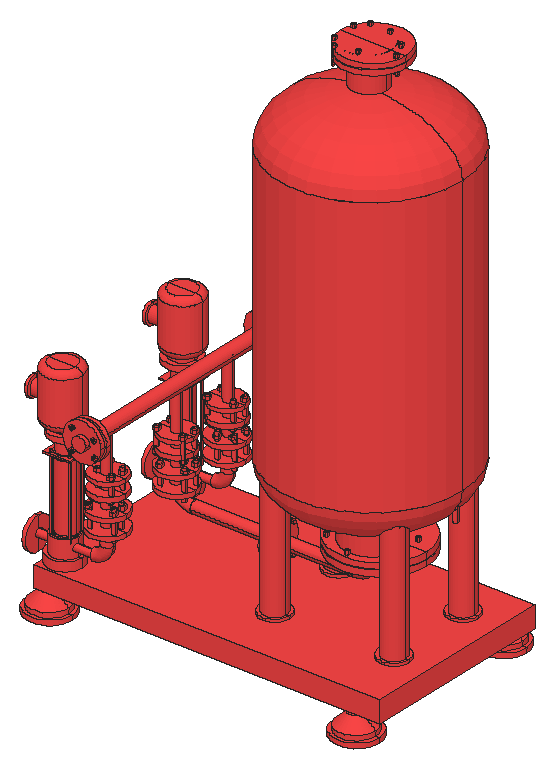
Revit family "设备111", category 常规模型, Revit 2016 (continued)
Forms (cm)
  Extrusion 147, solid, material "罐体" <- "罐体"
    sketch origin (2.9504, -986.3197, -93.6654) x (1, 0, 0) y (0, 0, 1)
      loop
        circle (-372.5317, -136.5852) r 5
      loop
        line (-362.1957, -139.3547) -> (-364.9652, -129.0187) -> (-375.3012, -126.2492) -> (-382.8676, -133.8157) -> (-380.0981, -144.1516) -> (-369.7621, -146.9211) -> (-362.1957, -139.3547)
    from -86.5606 to -81.6633
  Extrusion 148, solid, material "罐体" <- "罐体"
    sketch origin (-2.6138, -969.9865, -27.4762) x (1, 0, 0) y (0, 0, 1)
      loop
        circle (-372.5317, -136.5852) r 5
    from -131.6912 to -66.7216
  Extrusion 149, solid, material "罐体" <- "罐体"
    sketch origin (-3.5699, -986.3197, -26.1893) x (1, 0, 0) y (0, 0, 1)
      loop
        circle (-372.5317, -136.5852) r 5
      loop
        line (-362.1957, -139.3547) -> (-364.9652, -129.0187) -> (-375.3012, -126.2492) -> (-382.8676, -133.8157) -> (-380.0981, -144.1516) -> (-369.7621, -146.9211) -> (-362.1957, -139.3547)
    from -142.1138 to -132.3197
  Extrusion 150, solid, material "罐体" <- "罐体"
    sketch origin (-2.1036, -986.3197, -27.8335) x (1, 0, 0) y (0, 0, 1)
      loop
        circle (-372.5317, -136.5852) r 5
      loop
        line (-362.1957, -139.3547) -> (-364.9652, -129.0187) -> (-375.3012, -126.2492) -> (-382.8676, -133.8157) -> (-380.0981, -144.1516) -> (-369.7621, -146.9211) -> (-362.1957, -139.3547)
    from -86.5606 to -83.0548
  Extrusion 151, solid, material "罐体" <- "罐体"
    sketch origin (-90.8672, -969.9865, -95.1651) x (1, 0, 0) y (0, 0, 1)
      loop
        circle (-372.5317, -136.5852) r 5
    from -141.8144 to -62.9766
  Extrusion 152, solid, material "罐体" <- "罐体"
    sketch origin (-93.1145, -986.3197, -95.9978) x (1, 0, 0) y (0, 0, 1)
      loop
        circle (-372.5317, -136.5852) r 5
      loop
        line (-362.1957, -139.3547) -> (-364.9652, -129.0187) -> (-375.3012, -126.2492) -> (-382.8676, -133.8157) -> (-380.0981, -144.1516) -> (-369.7621, -146.9211) -> (-362.1957, -139.3547)
    from -86.5606 to -79.3099
  Revolve 153, solid, material "罐体" <- "罐体"
    sketch origin (-5.2092, -120, -8.6185) x (1, 0, 0) y (0, 0, 1)
      loop
        line (-547.5774, -656.7951) -> (-606.7725, -656.7951) -> (-606.7725, -764.2127) -> (-531.7725, -764.2127) -> (-531.7725, -732.2127) -> (-547.5774, -732.2127) -> (-547.5774, -656.7951)
      axis (-606.7725, -764.2127) -> (-606.7725, -656.7951)
    angle from 0 to 360
  Revolve 154, solid, material "罐体" <- "罐体"
    sketch origin (-6.4838, -120, -8.4336) x (1, 0, 0) y (0, 0, 1)
      loop
        line (-530.8059, -250.2066) -> (-554.0918, -250.2066) -> (-554.0918, -228.5968) -> (-606.7725, -228.5968) -> (-606.7725, -656.7951) -> (-560.6213, -656.7951) -> (-560.6213, -652.8092)
        arc (-560.6213, -652.8092) -> (-561.3403, -651.0734) -> (-563.0761, -650.3544) r 2.4548
        line (-563.0761, -650.3544) -> (-563.0761, -355.8737)
        arc (-563.0761, -355.8737) -> (-561.3403, -355.1547) -> (-560.6213, -353.4189) r 2.4548
        line (-560.6213, -353.4189) -> (-560.6213, -336.5517) -> (-565.9499, -336.5517) -> (-565.9499, -272.2127) -> (-530.8059, -272.2127) -> (-530.8059, -250.2066)
      axis (-606.7725, -656.7951) -> (-606.7725, -228.5968)
    angle from 0 to 360
  Revolve 155, solid, material "罐体" <- "罐体"
    sketch origin (28.3202, -162.8116, 0.7983) x (1, 0, 0) y (0, 0, 1)
      loop
        line (-659.4887, -335.9235) -> (-659.4887, -660.3088) -> (-656.4887, -660.3088) -> (-656.4887, -335.9235) -> (-659.4887, -335.9235)
      axis (-659.4887, -335.9235) -> (-659.4887, -660.3088)
    angle from 0 to 360
  Revolve 156, solid, material "罐体" <- "罐体"
    sketch origin (25.3235, -80.7641, 30.0768) x (1, 0, 0) y (0, 0, 1)
      loop
        line (-659.4887, -365.0849) -> (-659.4887, -698.4136) -> (-656.4887, -698.4136) -> (-656.4887, -365.0849) -> (-659.4887, -365.0849)
      axis (-659.4887, -365.0849) -> (-659.4887, -698.4136)
    angle from 0 to 360
  Revolve 157, solid, material "罐体" <- "罐体"
    sketch origin (-18.3087, -120, -9.3103) x (1, 0, 0) y (0, 0, 1)
      loop
        line (-449.6001, -705.2127) -> (-449.6001, -689.2127) -> (-700.4012, -689.2127) -> (-700.4012, -705.2127) -> (-449.6001, -705.2127)
      axis (-449.6001, -689.2127) -> (-700.4012, -689.2127)
    angle from 0 to 360
  Sweep 158, solid, material "罐体" <- "124"
    path origin (1.9086, -120, -2.6971) x (1, 0, 0) y (0, 0, 1)
      loop
        arc (-471.7345, -689.2127) -> (-432.8705, -673.1147) -> (-416.7725, -634.2507) r 54.962
        line (-416.7725, -634.2507) -> (-416.7725, -570.2507)
    profile "族4 : 族4" origin (-414.8639, -120, -604.9478) x (-1, 0, 0) y (0, -1, 0)
      loop
        circle (0, 0) r 25
  Extrusion 159, solid, material "罐体" <- "124"
    sketch origin (140.5805, 273.333, 0) x (1, 0, 0) y (0, 1, 0)
      loop
        circle (-555.513, -394.0571) r 20
    from -608.3502 to -182.2115
  Revolve 160, solid, material "罐体" <- "罐体"
    sketch origin (100.0818, -142.9896, -9.3246) x (1, 0, 0) y (0, 0, 1)
      loop
        line (-659.4887, -329.2911) -> (-659.4887, -658.74) -> (-656.4887, -658.74) -> (-656.4887, -329.2911) -> (-659.4887, -329.2911)
      axis (-659.4887, -329.2911) -> (-659.4887, -658.74)
    angle from 0 to 360
  Extrusion 161, solid, material "罐体" <- "罐体"
    sketch origin (-6.4618, -120, 0.8173) x (1, 0, 0) y (0, 0, 1)
      loop
        line (-547.5774, -349.433) -> (-547.5774, -342.9923) -> (-665.9677, -342.9923) -> (-665.9677, -349.433) -> (-547.5774, -349.433)
    from -60.9814 to 54
  Extrusion 162, solid
    sketch origin (1123.1117, -1.8998, 0) x (1, 0, 0) y (0, 1, 0)
      loop
        circle (-1685.4635, -79.1694) r 3
      loop
        line (-1681.0021, -80.3649) -> (-1682.1975, -75.9034) -> (-1686.6589, -74.708) -> (-1689.9249, -77.974) -> (-1688.7295, -82.4354) -> (-1684.2681, -83.6308) -> (-1681.0021, -80.3649)
    from -342.9923 to -339.3898
  Extrusion 163, solid
    sketch origin (1051.3946, -1.3963, 0) x (1, 0, 0) y (0, 1, 0)
      loop
        circle (-1685.4635, -79.1694) r 3
      loop
        line (-1681.0021, -80.3649) -> (-1682.1975, -75.9034) -> (-1686.6589, -74.708) -> (-1689.9249, -77.974) -> (-1688.7295, -82.4354) -> (-1684.2681, -83.6308) -> (-1681.0021, -80.3649)
    from -342.9923 to -339.3898
  Extrusion 164, solid
    sketch origin (1053.948, -84.1616, 0) x (1, 0, 0) y (0, 1, 0)
      loop
        circle (-1685.4635, -79.1694) r 3
      loop
        line (-1681.0021, -80.3649) -> (-1682.1975, -75.9034) -> (-1686.6589, -74.708) -> (-1689.9249, -77.974) -> (-1688.7295, -82.4354) -> (-1684.2681, -83.6308) -> (-1681.0021, -80.3649)
    from -342.9923 to -339.3898
  Extrusion 165, solid, material "罐体" <- "罐体"
    sketch origin (1121.0694, -74.3458, 0) x (1, 0, 0) y (0, 1, 0)
      loop
        circle (-1685.4635, -79.1694) r 3
      loop
        line (-1681.0021, -80.3649) -> (-1682.1975, -75.9034) -> (-1686.6589, -74.708) -> (-1689.9249, -77.974) -> (-1688.7295, -82.4354) -> (-1684.2681, -83.6308) -> (-1681.0021, -80.3649)
    from -342.9923 to -339.3898
  Revolve 166, solid, material "罐体" <- "罐体"
    sketch origin (-5.4214, -115.176, -11.5089) x (1, 0, 0) y (0, 0, 1)
      loop
        line (-341.7725, -350.2127) -> (-416.7725, -350.2127) -> (-416.7725, -366.2127) -> (-341.7725, -366.2127) -> (-341.7725, -350.2127)
      loop
        line (-416.7725, -408.5613) -> (-416.7725, -428.2127) -> (-341.7725, -428.2127) -> (-341.7725, -408.5613) -> (-416.7725, -408.5613)
      axis (-416.7725, -428.2127) -> (-416.7725, -350.2127)
    angle from 0 to 360
  Revolve 167, solid, material "罐体" <- "罐体"
    sketch origin (-5.5956, -81.65, 195.0828) x (1, 0, 0) y (0, 0, 1)
      loop
        line (-361.7725, -665.766) -> (-361.7725, -790.847) -> (-353.7725, -790.847) -> (-353.7725, -665.766) -> (-361.7725, -665.766)
      axis (-361.7725, -665.766) -> (-361.7725, -790.847)
    angle from 0 to 360
  Extrusion 168, solid, material "罐体" <- "罐体"
    sketch origin (905.3053, 20.6781, 0) x (1, 0, 0) y (0, 1, 0)
      loop
        circle (-1272.9524, -102.8824) r 8
      loop
        line (-1259.2663, -107.5951) -> (-1263.1544, -93.0844) -> (-1276.5387, -89.4981) -> (-1286.3366, -99.2961) -> (-1282.7503, -112.6804) -> (-1268.2397, -116.5685) -> (-1259.2663, -107.5951)
    from -487.2127 to -477.2127
  Extrusion 169, solid, material "罐体" <- "罐体"
    sketch origin (796.4625, 23.1292, 0) x (1, 0, 0) y (0, 1, 0)
      loop
        circle (-1272.9524, -102.8824) r 8
      loop
        line (-1259.5681, -106.4687) -> (-1263.1544, -93.0844) -> (-1276.5387, -89.4981) -> (-1286.3366, -99.2961) -> (-1282.7503, -112.6804) -> (-1269.3661, -116.2667) -> (-1259.5681, -106.4687)
    from -362.0549 to -349.433
  Extrusion 170, solid, material "罐体" <- "罐体"
    sketch origin (900.2161, -41.1034, 0) x (1, 0, 0) y (0, 1, 0)
      loop
        circle (-1272.9524, -102.8824) r 8
      loop
        line (-1259.5681, -106.4687) -> (-1263.1544, -93.0844) -> (-1276.5387, -89.4981) -> (-1286.3366, -99.2961) -> (-1282.7503, -112.6804) -> (-1269.3661, -116.2667) -> (-1259.5681, -106.4687)
    from -362.0549 to -349.433
  Extrusion 171, solid, material "罐体" <- "罐体"
    sketch origin (900.2508, -43.1833, 0) x (1, 0, 0) y (0, 1, 0)
      loop
        circle (-1272.9524, -102.8824) r 8
      loop
        line (-1259.5681, -106.4687) -> (-1263.1544, -93.0844) -> (-1276.5387, -89.4981) -> (-1286.3366, -99.2961) -> (-1282.7503, -112.6804) -> (-1269.3661, -116.2667) -> (-1259.5681, -106.4687)
    from -487.2127 to -477.2127
  Extrusion 172, solid, material "罐体" <- "罐体"
    sketch origin (898.0922, -45.4241, 0) x (1, 0, 0) y (0, 1, 0)
      loop
        circle (-1272.9524, -102.8824) r 8
      loop
        line (-1259.5681, -106.4687) -> (-1263.1544, -93.0844) -> (-1276.5387, -89.4981) -> (-1286.3366, -99.2961) -> (-1282.7503, -112.6804) -> (-1269.3661, -116.2667) -> (-1259.5681, -106.4687)
    from -592.4729 to -577.2127
  Extrusion 173, solid, material "罐体" <- "罐体"
    sketch origin (903.6033, 23.2048, 0) x (1, 0, 0) y (0, 1, 0)
      loop
        circle (-1272.9524, -102.8824) r 8
      loop
        line (-1259.5681, -106.4687) -> (-1263.1544, -93.0844) -> (-1276.5387, -89.4981) -> (-1286.3366, -99.2961) -> (-1282.7503, -112.6804) -> (-1269.3661, -116.2667) -> (-1259.5681, -106.4687)
    from -592.2323 to -577.2127
  Revolve 174, solid, material "罐体" <- "罐体"
    sketch origin (-115.0544, -155.0331, 225.3592) x (1, 0, 0) y (0, 0, 1)
      loop
        line (-361.7725, -683.8822) -> (-353.7725, -683.8822) -> (-353.7725, -572.3107) -> (-361.7725, -572.3107) -> (-361.7725, -683.8822)
      axis (-361.7725, -572.3107) -> (-361.7725, -683.8822)
    angle from 0 to 360
  Revolve 175, solid, material "罐体" <- "罐体"
    sketch origin (-6.1222, -86.3876, 211.2668) x (1, 0, 0) y (0, 0, 1)
      loop
        line (-361.7725, -669.2027) -> (-353.7725, -669.2027) -> (-353.7725, -555.0966) -> (-361.7725, -555.0966) -> (-361.7725, -669.2027)
      axis (-361.7725, -555.0966) -> (-361.7725, -669.2027)
    angle from 0 to 360
  Revolve 176, solid, material "罐体" <- "罐体"
    sketch origin (-114.921, -80.4932, 230.3024) x (1, 0, 0) y (0, 0, 1)
      loop
        line (-361.7725, -687.0665) -> (-353.7725, -687.0665) -> (-353.7725, -576.3844) -> (-361.7725, -576.3844) -> (-361.7725, -687.0665)
      axis (-361.7725, -576.3844) -> (-361.7725, -687.0665)
    angle from 0 to 360
  Extrusion 177, solid, material "罐体" <- "罐体"
    sketch origin (795.7133, -53.2804, 0) x (1, 0, 0) y (0, 1, 0)
      loop
        circle (-1272.9524, -102.8824) r 8
      loop
        line (-1259.5681, -106.4687) -> (-1263.1544, -93.0844) -> (-1276.5387, -89.4981) -> (-1286.3366, -99.2961) -> (-1282.7503, -112.6804) -> (-1269.3661, -116.2667) -> (-1259.5681, -106.4687)
    from -362.0549 to -349.433
  Extrusion 178, solid, material "罐体" <- "罐体"
    sketch origin (903.5965, 13.8957, 0) x (1, 0, 0) y (0, 1, 0)
      loop
        circle (-1272.9524, -102.8824) r 8
      loop
        line (-1259.5681, -106.4687) -> (-1263.1544, -93.0844) -> (-1276.5387, -89.4981) -> (-1286.3366, -99.2961) -> (-1282.7503, -112.6804) -> (-1269.3661, -116.2667) -> (-1259.5681, -106.4687)
    from -362.0549 to -349.433
  Extrusion 179, solid, material "罐体" <- "罐体"
    sketch origin (796.2843, -51.812, -85.9708) x (1, 0, 0) y (0, 1, 0)
      loop
        circle (-1272.9524, -102.8824) r 8
      loop
        line (-1259.5681, -106.4687) -> (-1263.1544, -93.0844) -> (-1276.5387, -89.4981) -> (-1286.3366, -99.2961) -> (-1282.7503, -112.6804) -> (-1269.3661, -116.2667) -> (-1259.5681, -106.4687)
    from -366.6742 to -354.0841
  Extrusion 180, solid, material "罐体" <- "罐体"
    sketch origin (795.9582, 22.8152, -86.6539) x (1, 0, 0) y (0, 1, 0)
      loop
        circle (-1272.9524, -102.8824) r 8
      loop
        line (-1259.5681, -106.4687) -> (-1263.1544, -93.0844) -> (-1276.5387, -89.4981) -> (-1286.3366, -99.2961) -> (-1282.7503, -112.6804) -> (-1269.3661, -116.2667) -> (-1259.5681, -106.4687)
    from -365.9911 to -353.401
  Extrusion 181, solid, material "罐体" <- "罐体"
    sketch origin (904.8677, 14.5837, -85.9708) x (1, 0, 0) y (0, 1, 0)
      loop
        circle (-1272.9524, -102.8824) r 8
      loop
        line (-1259.5681, -106.4687) -> (-1263.1544, -93.0844) -> (-1276.5387, -89.4981) -> (-1286.3366, -99.2961) -> (-1282.7503, -112.6804) -> (-1269.3661, -116.2667) -> (-1259.5681, -106.4687)
    from -366.6742 to -354.0841
  Extrusion 182, solid, material "罐体" <- "罐体"
    sketch origin (898.2335, -42.3722, -85.5135) x (1, 0, 0) y (0, 1, 0)
      loop
        circle (-1272.9524, -102.8824) r 8
      loop
        line (-1259.5681, -106.4687) -> (-1263.1544, -93.0844) -> (-1276.5387, -89.4981) -> (-1286.3366, -99.2961) -> (-1282.7503, -112.6804) -> (-1269.3661, -116.2667) -> (-1259.5681, -106.4687)
    from -366.6742 to -354.0841
  Revolve 183, solid, material "罐体" <- "罐体"
    sketch origin (-4.7366, -145.6964, 158.2947) x (1, 0, 0) y (0, 0, 1)
      loop
        line (-361.7725, -627.9932) -> (-361.7725, -764.2797) -> (-353.7725, -764.2797) -> (-353.7725, -627.9932) -> (-361.7725, -627.9932)
      axis (-361.7725, -627.9932) -> (-361.7725, -764.2797)
    angle from 0 to 360
  Revolve 184, solid, material "罐体" <- "罐体"
    sketch origin (-11.6171, -144.6685, 245.703) x (1, 0, 0) y (0, 0, 1)
      loop
        line (-361.7725, -703.2413) -> (-353.7725, -703.2413) -> (-353.7725, -583.9975) -> (-361.7725, -583.9975) -> (-361.7725, -703.2413)
      axis (-361.7725, -583.9975) -> (-361.7725, -703.2413)
    angle from 0 to 360
  Revolve 185, solid, material "罐体" <- "124"
    sketch origin (-5.0811, -119.5641, -8.3029) x (1, 0, 0) y (0, 0, 1)
      loop
        line (-606.7725, 11) -> (-606.7725, -228.2401) -> (-548.2725, -228.2401)
        arc (-548.2725, -228.2401) -> (-529.4406, -219.4243) -> (-521.7733, -200.0964) r 28.1947
        line (-521.7733, -200.0964) -> (-521.7733, -14.2107)
        arc (-521.7733, -14.2107) -> (-530.9342, 3.7686) -> (-549.7725, 11) r 28.1535
        line (-549.7725, 11) -> (-606.7725, 11)
      axis (-606.7725, -228.2401) -> (-606.7725, 11)
    angle from 0 to 360
  Revolve 186, solid, material "罐体" <- "罐体"
    sketch origin (97.4763, -80.3867, 51.8337) x (1, 0, 0) y (0, 0, 1)
      loop
        line (-659.4887, -387.9998) -> (-659.4887, -733.8019) -> (-656.4887, -733.8019) -> (-656.4887, -387.9998) -> (-659.4887, -387.9998)
      axis (-659.4887, -387.9998) -> (-659.4887, -733.8019)
    angle from 0 to 360
  Revolve 187, solid, material "罐体" <- "124"
    sketch origin (-4.1983, -117.9443, -8.9917) x (1, 0, 0) y (0, 0, 1)
      loop
        line (-416.7725, -487.2127) -> (-416.7725, -505.2127) -> (-334.2725, -505.2127) -> (-334.2725, -487.2127) -> (-416.7725, -487.2127)
      loop
        line (-334.2725, -559.2127) -> (-416.7725, -559.2127) -> (-416.7725, -577.2127) -> (-334.2725, -577.2127) -> (-334.2725, -559.2127)
      axis (-416.7725, -577.2127) -> (-416.7725, -487.2127)
    angle from 0 to 360
  Revolve 188, solid, material "罐体" <- "罐体"
    sketch origin (-59.3813, -172.0925, 206.736) x (1, 0, 0) y (0, 0, 1)
      loop
        line (-361.7725, -669.8219) -> (-361.7725, -798.4342) -> (-353.7725, -798.4342) -> (-353.7725, -669.8219) -> (-361.7725, -669.8219)
      axis (-361.7725, -669.8219) -> (-361.7725, -798.4342)
    angle from 0 to 360
  Revolve 189, solid, material "罐体" <- "罐体"
    sketch origin (-51.2237, -61.1979, 209.3793) x (1, 0, 0) y (0, 0, 1)
      loop
        line (-361.7725, -677.7177) -> (-361.7725, -807.9028) -> (-353.7725, -807.9028) -> (-353.7725, -677.7177) -> (-361.7725, -677.7177)
      axis (-361.7725, -677.7177) -> (-361.7725, -807.9028)
    angle from 0 to 360
  Extrusion 190, solid, material "罐体" <- "罐体"
    sketch origin (859.5778, 40.5945, 0) x (1, 0, 0) y (0, 1, 0)
      loop
        circle (-1272.9524, -102.8824) r 8
      loop
        line (-1259.5681, -106.4687) -> (-1263.1544, -93.0844) -> (-1276.5387, -89.4981) -> (-1286.3366, -99.2961) -> (-1282.7503, -112.6804) -> (-1269.3661, -116.2667) -> (-1259.5681, -106.4687)
    from -487.2127 to -477.2127
  Extrusion 191, solid, material "罐体" <- "罐体"
    sketch origin (859.0449, 42.8078, 0) x (1, 0, 0) y (0, 1, 0)
      loop
        circle (-1272.9524, -102.8824) r 8
      loop
        line (-1259.5681, -106.4687) -> (-1263.1544, -93.0844) -> (-1276.5387, -89.4981) -> (-1286.3366, -99.2961) -> (-1282.7503, -112.6804) -> (-1269.3661, -116.2667) -> (-1259.5681, -106.4687)
    from -592.4729 to -576.1306
  Extrusion 192, solid, material "罐体" <- "罐体"
    sketch origin (850.0793, -69.9187, 0) x (1, 0, 0) y (0, 1, 0)
      loop
        circle (-1272.9524, -102.8824) r 8
      loop
        line (-1259.5681, -106.4687) -> (-1263.1544, -93.0844) -> (-1276.5387, -89.4981) -> (-1286.3366, -99.2961) -> (-1282.7503, -112.6804) -> (-1269.3661, -116.2667) -> (-1259.5681, -106.4687)
    from -487.2127 to -477.2127
  Extrusion 193, solid, material "罐体" <- "罐体"
    sketch origin (850.0793, -69.9187, 0) x (1, 0, 0) y (0, 1, 0)
      loop
        circle (-1272.9524, -102.8824) r 8
      loop
        line (-1259.5681, -106.4687) -> (-1263.1544, -93.0844) -> (-1276.5387, -89.4981) -> (-1286.3366, -99.2961) -> (-1282.7503, -112.6804) -> (-1269.3661, -116.2667) -> (-1259.5681, -106.4687)
    from -592.4729 to -576.1306
  Revolve 194, solid, material "罐体" <- "124"
    sketch origin (-4.7594, -391.3445, -8.5838) x (1, 0, 0) y (0, 0, 1)
      loop
        line (-416.7725, -487.2127) -> (-416.7725, -505.2127) -> (-334.2725, -505.2127) -> (-334.2725, -487.2127) -> (-416.7725, -487.2127)
      loop
        line (-334.2725, -559.2127) -> (-416.7725, -559.2127) -> (-416.7725, -577.2127) -> (-334.2725, -577.2127) -> (-334.2725, -559.2127)
      axis (-416.7725, -577.2127) -> (-416.7725, -487.2127)
    angle from 0 to 360
  Extrusion 195, solid, material "罐体" <- "124"
    sketch origin (0, 0, 0) x (1, 0, 0) y (0, 0, 1)
      loop
        line (817.9608, -781.1012) -> (-682.0392, -781.1012) -> (-682.0392, -872.889) -> (817.9608, -872.889) -> (817.9608, -781.1012)
    from 0 to 841
  Revolve 196, solid, material "罐体" <- "124"
    sketch origin (33.0235, -26.7684, 0.9958) x (1, 0, 0) y (0, 0, 1)
      loop
        line (756.0358, -920.1958) -> (705.729, -872.889) -> (672.9608, -872.889) -> (672.9608, -959.889) -> (772.9608, -959.889) -> (772.9608, -939.889) -> (756.0358, -939.889) -> (756.0358, -920.1958)
      axis (672.9608, -959.889) -> (672.9608, -872.889)
    angle from 0 to 360
  Revolve 197, solid, material "罐体" <- "124"
    sketch origin (-1310.9005, -809.9292, 0.5942) x (1, 0, 0) y (0, 0, 1)
      loop
        line (756.0358, -920.1958) -> (705.729, -872.889) -> (672.9608, -872.889) -> (672.9608, -959.889) -> (772.9608, -959.889) -> (772.9608, -939.889) -> (756.0358, -939.889) -> (756.0358, -920.1958)
      axis (672.9608, -959.889) -> (672.9608, -872.889)
    angle from 0 to 360
  Revolve 198, solid, material "罐体" <- "124"
    sketch origin (-1311.054, -41.0941, 1.2569) x (1, 0, 0) y (0, 0, 1)
      loop
        line (756.0358, -920.1958) -> (705.729, -872.889) -> (672.9608, -872.889) -> (672.9608, -959.889) -> (772.9608, -959.889) -> (772.9608, -939.889) -> (756.0358, -939.889) -> (756.0358, -920.1958)
      axis (672.9608, -959.889) -> (672.9608, -872.889)
    angle from 0 to 360
  Revolve 199, solid, material "罐体" <- "罐体"
    sketch origin (30.3339, -821.5994, -1.1375) x (1, 0, 0) y (0, 0, 1)
      loop
        line (756.0358, -920.1958) -> (705.729, -872.889) -> (672.9608, -872.889) -> (672.9608, -959.889) -> (772.9608, -959.889) -> (772.9608, -939.889) -> (756.0358, -939.889) -> (756.0358, -920.1958)
      axis (672.9608, -959.889) -> (672.9608, -872.889)
    angle from 0 to 360
  Revolve 200, solid, material "罐体" <- "124"
    sketch origin (0, -121.229, -4.2289) x (1, 0, 0) y (0, 0, 1)
      loop
        line (-719.0392, -697.889) -> (-737.0392, -697.889) -> (-737.0392, -735.889) -> (-735.0392, -735.889) -> (-735.0392, -767.889) -> (-719.0392, -767.889) -> (-719.0392, -697.889)
      axis (-719.0392, -697.889) -> (-737.0392, -697.889)
    angle from 0 to 360
  Revolve 201, solid, material "罐体" <- "124"
    sketch origin (0, -768.0276, -5.6386) x (1, 0, 0) y (0, 0, 1)
      loop
        line (-719.0392, -697.889) -> (-737.0392, -697.889) -> (-737.0392, -735.889) -> (-735.0392, -735.889) -> (-735.0392, -767.889) -> (-719.0392, -767.889) -> (-719.0392, -697.889)
      axis (-719.0392, -697.889) -> (-737.0392, -697.889)
    angle from 0 to 360
  Revolve 202, solid, material "罐体" <- "罐体"
    sketch origin (-5.0746, -396.6751, -23.0402) x (1, 0, 0) y (0, 0, 1)
      loop
        line (807.9608, -187.7039) -> (797.9608, -187.7039) -> (797.9608, -269.2318) -> (804.7054, -269.2318) -> (807.9608, -266.2222) -> (807.9608, -187.7039)
      axis (797.9608, -269.2318) -> (797.9608, -187.7039)
    angle from 0 to 360
  Revolve 203, solid, material "罐体" <- "罐体"
    sketch origin (-0.2049, -119.6246, 0.5284) x (1, 0, 0) y (0, 0, 1)
      loop
        line (-755.6821, -104.7241) -> (-751.0296, -104.7241) -> (-751.0296, -95.1081) -> (-738.8784, -95.1081) -> (-738.8784, -104.7241) -> (-688.7711, -104.7241) -> (-688.7711, -139.7051) -> (-762.0392, -139.7051) -> (-762.0392, -110.9597)
        arc (-762.0392, -110.9597) -> (-760.1305, -106.5508) -> (-755.6821, -104.7357) r 6.3585
      axis (-762.0392, -139.7051) -> (-688.7711, -139.7051)
    angle from 0 to 360
  Revolve 204, solid, material "罐体" <- "罐体"
    sketch origin (0.0352, -759.079, -1.4959) x (1, 0, 0) y (0, 0, 1)
      loop
        line (-755.6821, -104.7241) -> (-751.0296, -104.7241) -> (-751.0296, -95.1081) -> (-738.8784, -95.1081) -> (-738.8784, -104.7241) -> (-688.7711, -104.7241) -> (-688.7711, -139.7051) -> (-762.0392, -139.7051) -> (-762.0392, -110.9597)
        arc (-762.0392, -110.9597) -> (-760.1305, -106.5508) -> (-755.6821, -104.7357) r 6.3585
      axis (-762.0392, -139.7051) -> (-688.7711, -139.7051)
    angle from 0 to 360
  Revolve 205, solid, material "罐体" <- "罐体"
    sketch origin (-1.068, -754.6259, -8.4749) x (1, 0, 0) y (0, 0, 1)
      loop
        line (-530.8059, -250.2066) -> (-554.0918, -250.2066) -> (-554.0918, -228.5968) -> (-606.7725, -228.5968) -> (-606.7725, -656.7951) -> (-560.6213, -656.7951) -> (-560.6213, -652.8092)
        arc (-560.6213, -652.8092) -> (-561.3403, -651.0734) -> (-563.0761, -650.3544) r 2.4548
        line (-563.0761, -650.3544) -> (-563.0761, -355.8737)
        arc (-563.0761, -355.8737) -> (-561.3403, -355.1547) -> (-560.6213, -353.4189) r 2.4548
        line (-560.6213, -353.4189) -> (-560.6213, -336.5517) -> (-565.9499, -336.5517) -> (-565.9499, -272.2127) -> (-530.8059, -272.2127) -> (-530.8059, -250.2066)
      axis (-606.7725, -656.7951) -> (-606.7725, -228.5968)
    angle from 0 to 360
  Revolve 206, solid
    sketch origin (0.1698, 0.7145, -2.3221) x (1, 0, 0) y (0, 0, 1)
      loop
        line (-241.5891, -398.2338) -> (-241.5891, -383.874) -> (-270.8303, -378.718) -> (-270.8303, -398.2338) -> (-241.5891, -398.2338)
      axis (-270.8303, -398.2338) -> (-241.5891, -398.2338)
    angle from 0 to 360
  Extrusion 207, solid
    sketch origin (0, 10, -1.697) x (1, 0, 0) y (0, 0, 1)
      loop
        line (-241.5891, -411.9039) -> (-270.6272, -417.0241) -> (-270.6272, -432.3583)
        arc (-270.6272, -432.3583) -> (-268.2614, -462.8529) -> (-251.291, -488.2994) r 60.5418
        arc (-251.291, -488.2994) -> (-241.8522, -503.2845) -> (-235.3809, -519.7698) r 94.3205
        arc (-235.3809, -519.7698) -> (-230.0026, -552.6376) -> (-237.273, -585.1393) r 87.6569
        arc (-237.273, -585.1393) -> (-234.5196, -596.6884) -> (-223.0149, -593.7548) r 8.3305
        arc (-223.0149, -593.7548) -> (-212.3142, -534.0865) -> (-230.7953, -476.3521) r 125.6526
        arc (-230.7953, -476.3521) -> (-244.4512, -445.5113) -> (-241.5891, -411.9039) r 67.9272
    from 0 to 22
  Revolve 208, solid
    sketch origin (11.258, -131.8789, 0) x (1, 0, 0) y (0, 0, 1)
      loop
        line (-270.6272, -397.889) -> (-270.6272, -363.4196) -> (-274.266, -363.4196) -> (-274.266, -365.389) -> (-283.8213, -365.389) -> (-283.8213, -397.889) -> (-270.6272, -397.889)
      axis (-283.8213, -397.889) -> (-270.6272, -397.889)
    angle from 0 to 360
Dimensions and locks (cm)
  plane 6 to plane 7 = 580 cm
  plane 5 to plane 4 = 800 cm
  plane 25 to plane 24 = 1500 cm
  plane 21 to plane 23 = 190 cm
  plane 25 to plane 19 = 400 cm
  aligned and locked: level to plane 2
